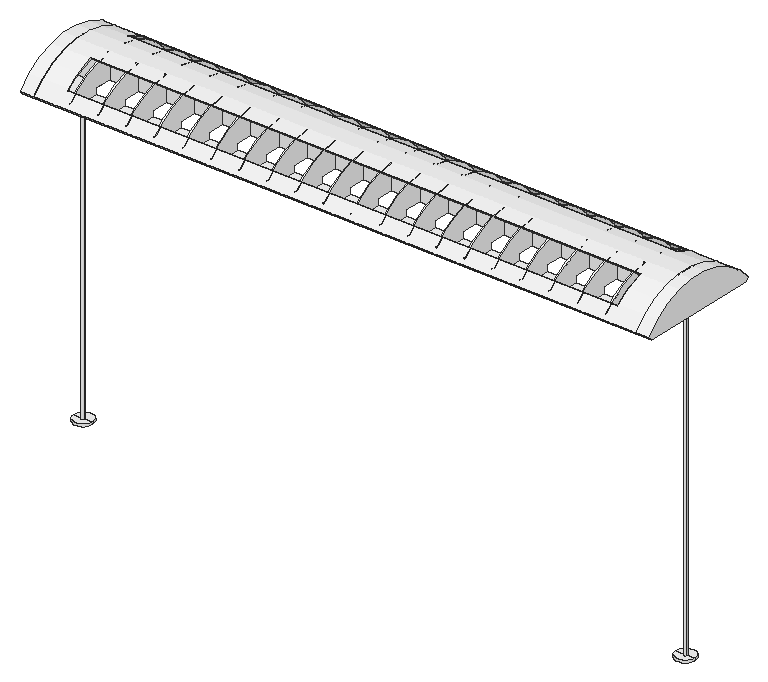
Revit family "CVSL-CM", category Lighting Fixtures, host Face, Revit 2013
Parameters (values of type "CVSL-2T8-50/50-E")
  Watts = 62 W
  Wattage = 62 W
  built-in parameter 1150110 = 1 (stored number, unit not read)
  Voltage = 120 V
  built-in parameter 1114217 = 1 (stored number, unit not read)
  Tilt Angle = -90.00°  # constant formula
  built-in parameter 1150109 = 1 (stored number, unit not read)
  built-in parameter 1150134 = (empty or 0)
  Suspension Height = 24"
  Wattage Comments = ""
  URL = "https://www.hubbell.com/aleralighting/en/"
  built-in parameter 1150113 = 1 (stored number, unit not read)
  Product Page URL = "https://www.hubbell.com/aleralighting/en/Products/Lighting-Controls/Commercial-Indoor-Lighting/Pendant-Lighting/CVSL/p/19955"
  Product Documentation Link = "https://hubbellcdn.com/specsheet/cvsl.pdf"
  Power Factor = 1
  Photometric Web Link = "https://www.hubbell.com/aleralighting/en/Products/Lighting-Controls/Commercial-Indoor-Lighting/Pendant-Lighting/CVSL/p/19955"
  Photometric Web File = "CVSL-4T8-50 50-E.ies"
  Photometric Notes = "More IES files download on Photometric Web Link"  # constant formula
  Model = "CVSL"  # constant formula
  Manufacturer = "Alera Lighting"  # constant formula
  Row Length = 48"
  built-in parameter 1150105 = 234.75 (stored number, unit not read)
  Lumens = 2949.96 lm
  built-in parameter 1150115 = 1 (stored number, unit not read)
  Load Classification = Lighting
  built-in parameter 1150137 = (empty or 0)
  built-in parameter 1150139 = (empty or 0)
  built-in parameter 1150112 = 1 (stored number, unit not read)
  built-in parameter 1150114 = 1 (stored number, unit not read)
  Lamp = "T5, T5HO, T8"  # constant formula
  Lamp Type = "Two T8 Lamp"
  built-in parameter 1150132 = (empty or 0)
  built-in parameter 1150102 = (empty or 0)
  built-in parameter 1150107 = 3500 (stored number, unit not read)
  built-in parameter 1150138 = (empty or 0)
  built-in parameter 1150106 = 2.3475 (stored number, unit not read)
  Glass = Hubbell - White Glass
  Emit from Rectangle Width = 7"  # constant formula
  Emit from Rectangle Length = Row Length - 2"  # 46"
  Emit Shape Visible in Rendering = no
  built-in parameter 1150104 = 4.4203 (stored number, unit not read)
  Distribution = "50% Uplight, 50% Downlight"
  Dimming Lamp Color Temperature Shift = <None>
  Description = "luminescent blades are placed along each side of an elegant curvature to create unparalleled aesthetics"  # constant formula
  Default Elevation = 48"
  Contact Us = "https://www.hubbell.com/aleralighting/en/contactUs"
  Color Filter = 16777215
  built-in parameter 1114218 = 1 (stored number, unit not read)
  Housing Material = Hubbell - White
  built-in parameter 1150133 = 10 (stored number, unit not read)
  Apparent Load = Watts / Power Factor  # 62 VA
Reference planes (in)
  plane 1 "Center (Front/Back)": y = 0.03999
  plane 2: z = 0
  plane 3 "Center (Left/Right)": x = 1.66944
  plane 4: x = -22.33056
  plane 5: x = 25.66944
  plane 6: z = 24
  plane 7: x = -21.33056
  plane 8: x = 24.66944
  plane 9: z = 24.5
Forms (in)
  Revolve 1, solid, material "Hubbell - White" <- "Housing Material"
    sketch origin (0, 0.03999, 0) x (1, 0, 0) y (0, 0, 1)
      loop
        line (-21.33056, 24) -> (-21.33056, 0) -> (-20.59744, 0) -> (-20.59744, 0.15062) -> (-21.20556, 0.15062) -> (-21.20556, 23.90062) -> (-20.98741, 23.90062) -> (-20.98741, 24) -> (-21.33056, 24)
      axis (-21.33056, 24) -> (-21.33056, 0)
    angle from 0 to 360
  Revolve 2, solid, material "Hubbell - White" <- "Housing Material"
    sketch origin (0, 0.03999, 0) x (1, 0, 0) y (0, 0, 1)
      loop
        line (24.66944, 24) -> (24.66944, 0) -> (25.40256, 0) -> (25.40256, 0.15062) -> (24.79444, 0.15062) -> (24.79444, 23.90062) -> (25.01259, 23.90062) -> (25.01259, 24) -> (24.66944, 24)
      axis (24.66944, 24) -> (24.66944, 0)
    angle from 0 to 360
Dimensions and locks (in)
  equal spacing: plane 5, plane 3 "Center (Left/Right)", plane 4
  "Suspension Height": plane 6 to level
  equal spacing: plane 8, plane 3 "Center (Left/Right)", plane 7
  locked: plane 7 to plane 4 at 1
  "Row Length": plane 5 to plane 4
  locked: plane 9 to plane 6 at 0.5
  aligned and locked: plane 2 to host face
  aligned and locked: level to host face
  aligned and locked: Revolve 1 sketch curve to plane 7
  aligned and locked: Revolve 1 sketch curve to plane 6
  aligned and locked: host face to Revolve 1 sketch curve
  aligned and locked: Revolve 1 sketch curve to Revolve 1 sketch curve
  aligned and locked: Revolve 2 sketch curve to Revolve 2 sketch curve
  aligned and locked: plane 8 to Revolve 2 sketch curve
  aligned and locked: plane 1 "Center (Front/Back)" to nested 1
  aligned and locked: plane 3 "Center (Left/Right)" to nested 1
  aligned and locked: plane 9 to imposter light
  aligned and locked: imposter light to plane 1 "Center (Front/Back)"
Automatic sketch dimensions
  host sketch curve to host sketch curve = 96"  (x2)
  Revolve 1 sketch curve to plane 6 = 0.09938"
  plane 7 to Revolve 1 sketch curve = 1/8"
  Revolve 1 sketch curve to Revolve 1 sketch curve = 0.21815"
  Revolve 1 sketch curve to Revolve 1 sketch curve = 0.60812"
  Revolve 1 sketch curve to level = 8"
  Revolve 1 sketch curve to Revolve 1 sketch curve = 0.15062"
  Revolve 1 sketch curve to Revolve 1 sketch curve = 2 1/2"
  Revolve 2 sketch curve to plane 6 = 0"
  Revolve 2 sketch curve to level = 0"
  Revolve 2 sketch curve to plane 6 = 0.09938"
  Revolve 2 sketch curve to plane 8 = 1/8"
  Revolve 2 sketch curve to Revolve 2 sketch curve = 0.21815"
  Revolve 2 sketch curve to plane 5 = 0.26688"
  Revolve 2 sketch curve to Revolve 2 sketch curve = 8"
  level to Revolve 2 sketch curve = 0.15062"
  Revolve 2 sketch curve to Revolve 2 sketch curve = 2 1/2"
Nested families (in)
  nested 1: "CVSL-Housing" at (3.71711, 0, 24), Opal Lens <- "Glass", Backbox <- "Housing Material", type "CVSL-Housing"
    with Opal Lens Hubbell - White Glass, Backbox Hubbell - White, Row Length 48", Array 20
Connectors (in)
  electrical at (-21.33056, 0.03999, 0), driven by "Load Classification", driven by "Voltage", driven by "Apparent Load", driven by "Power Factor"
    settings: on Revolve 1, index 1, voltage 120 V, apparent load 62 VA, apparent load phase1 0 VA, apparent load phase2 0 VA, apparent load phase3 0 VA, power factor 1, load classification "Lighting", number of poles 1, system type 30, power factor state 1, is connector primary yes, connector utility no, sub classification motor no, connector description "Lighting Connector"
Definition of nested family "CVSL-Housing"
  Parameters (values of type "CVSL-CVPL")
    Wattage Comments = ""
    URL = ""
    Row Length = 96"
    Model = ""
    Manufacturer = ""
    Lamp = ""
    Opal Lens [instance] = none
    Description = ""
    Default Elevation = 48"
    Backbox [instance] = none
    Array = Row Length / 2 51/128"  # 40
  Reference planes (in)
    plane 1 "Center (Front/Back)": y = 0.03999
    plane 2: z = 0
    plane 3 "Center (Left/Right)": x = -2.04767
    plane 4: x = -50.04767
    plane 5: x = 45.95233
    plane 6: x = -49.04767
    plane 7: x = 44.95233
    plane 8: y = 4.78999
    plane 9: y = -4.71001
    plane 10: z = 2.5
    plane 11: x = -47.04767
    plane 12: z = 2.25
    plane 13: x = 42.95233
    plane 14: x = -46.54767
    plane 15: x = -46.44611
    plane 16: x = 42.45233
  Forms (in)
    Extrusion 1, solid
      sketch origin (0, 0, 0.06357) x (1, 0, 0) y (0, 1, 0)
        loop
          line (-52.04767, 48) -> (-52.04767, -48) -> (47.95233, -48) -> (47.95233, 48) -> (-52.04767, 48)
      from -0.06357 to -6.06357
    Extrusion 2, solid, material <- "Backbox"
      sketch origin (-2.04767, 0, 0) x (0, 1, 0) y (0, 0, 1)
        loop
          line (4.53999, 0) -> (4.78999, 0.25)
          arc (4.78999, 0.25) -> (0.03999, 2.5) -> (-4.71001, 0.25) r 6.13889
          line (-4.71001, 0.25) -> (-4.46001, 0) -> (0.03999, 0) -> (4.53999, 0)
      from 47 to 48
    Extrusion 3, solid, material <- "Backbox"
      sketch origin (-2.04767, 0, 0) x (0, 1, 0) y (0, 0, 1)
        loop
          line (4.53999, 0) -> (4.78999, 0.25)
          arc (4.78999, 0.25) -> (0.03999, 2.5) -> (-4.71001, 0.25) r 6.13889
          line (-4.71001, 0.25) -> (-4.46001, 0) -> (4.53999, 0)
      from -48 to -47
    Extrusion 4, solid, material <- "Backbox"
      sketch origin (-2.04767, 0, 0) x (0, 1, 0) y (0, 0, 1)
        loop
          line (4.03999, 0) -> (4.28999, 0.25) -> (4.53999, 0) -> (4.78999, 0.25)
          arc (4.78999, 0.25) -> (0.03999, 2.5) -> (-4.71001, 0.25) r 6.13889
          line (-4.71001, 0.25) -> (-4.46001, 0) -> (-4.21001, 0.25) -> (-3.96001, 0) -> (4.03999, 0)
        loop
          arc (4.72145, 0.25328) -> (0.03999, 2.44922) -> (-4.64147, 0.25328) r 6.08811
          line (-4.64147, 0.25328) -> (-4.46001, 0.07182) -> (-4.21001, 0.32182) -> (-3.93897, 0.05078) -> (4.01896, 0.05078) -> (4.28999, 0.32182) -> (4.53999, 0.07182) -> (4.72145, 0.25328)
      from -47 to 47
    Extrusion 5, void
      sketch origin (-2.04767, 0, 0) x (0, 1, 0) y (0, 0, 1)
        loop
          line (-3.97709, 1.04445) -> (-3.90334, 0.95846)
          arc (-3.90334, 0.95846) -> (-2.85143, 1.68326) -> (-1.67089, 2.17131) r 6.05686
          line (-1.67089, 2.17131) -> (-1.70289, 2.27998)
          arc (-1.70289, 2.27998) -> (-2.9055, 1.7828) -> (-3.97709, 1.04445) r 6.17014
        loop
          arc (4.05708, 1.04445) -> (2.98549, 1.7828) -> (1.78287, 2.27998) r 6.17014
          line (1.78287, 2.27998) -> (1.75087, 2.17131)
          arc (1.75087, 2.17131) -> (2.93141, 1.68326) -> (3.98332, 0.95846) r 6.05686
          line (3.98332, 0.95846) -> (4.05708, 1.04445)
      from -45 to 45
    Extrusion 6, solid, material <- "Opal Lens"
      sketch origin (-2.04767, 0, 0) x (0, 1, 0) y (0, 0, 1)
        loop
          arc (4.03673, 1.02073) -> (2.97057, 1.75534) -> (1.77405, 2.25) r 6.13889
          line (1.77405, 2.25) -> (1.7597, 2.20129)
          arc (1.7597, 2.20129) -> (2.94633, 1.71072) -> (4.00367, 0.98218) r 6.08811
          line (4.00367, 0.98218) -> (4.03673, 1.02073)
        loop
          arc (-3.92369, 0.98218) -> (-2.86634, 1.71072) -> (-1.67972, 2.20129) r 6.08811
          line (-1.67972, 2.20129) -> (-1.69406, 2.25)
          arc (-1.69406, 2.25) -> (-2.89059, 1.75534) -> (-3.95675, 1.02073) r 6.13889
          line (-3.95675, 1.02073) -> (-3.92369, 0.98218)
      from -45 to 45
    Extrusion 7, solid, material <- "Backbox"
      sketch origin (-2.04767, 0, 0) x (0, 1, 0) y (0, 0, 1)
        loop
          line (-0.70947, 2.40291) -> (-0.70947, 0.05078) -> (0.78946, 0.05078) -> (0.78946, 2.40291)
          arc (0.78946, 2.40291) -> (0.03999, 2.44922) -> (-0.70947, 2.40291) r 6.08811
      from -47 to 47
    Extrusion 8, solid, material <- "Backbox"
      sketch origin (-70.54767, 6.9161, 48) x (0, 1, 0) y (0, 0, 1)
        loop
          line (-6.12664, -47.94922) -> (-2.89714, -47.94922) -> (-2.42895, -47.48103)
          arc (-2.42895, -47.48103) -> (-4.11232, -46.21427) -> (-6.12664, -45.59709) r 6.08811
          line (-6.12664, -45.59709) -> (-6.12664, -47.94922)
        loop
          line (-7.62557, -47.94922) -> (-7.62557, -45.59709)
          arc (-7.62557, -45.59709) -> (-9.63989, -46.21427) -> (-11.32326, -47.48103) r 6.08811
          line (-11.32326, -47.48103) -> (-10.85507, -47.94922) -> (-7.62557, -47.94922)
      from 24 to 24.10156
    Extrusion 9, solid, material <- "Backbox"
      sketch origin (18.35077, 6.9161, 48) x (0, 1, 0) y (0, 0, 1)
        loop
          line (-6.12664, -47.94922) -> (-2.89714, -47.94922) -> (-2.42895, -47.48103)
          arc (-2.42895, -47.48103) -> (-4.11232, -46.21427) -> (-6.12664, -45.59709) r 6.08811
          line (-6.12664, -45.59709) -> (-6.12664, -47.94922)
        loop
          line (-7.62557, -47.94922) -> (-7.62557, -45.59709)
          arc (-7.62557, -45.59709) -> (-9.63989, -46.21427) -> (-11.32326, -47.48103) r 6.08811
          line (-11.32326, -47.48103) -> (-10.85507, -47.94922) -> (-7.62557, -47.94922)
      from 24 to 24.10156
    Extrusion 10, solid, material <- "Backbox"
      sketch origin (-68.26822, 6.9161, 48) x (0, 1, 0) y (0, 0, 1)
        loop
          line (-6.12664, -47.94922) -> (-2.89714, -47.94922) -> (-2.42895, -47.48103)
          arc (-2.42895, -47.48103) -> (-4.11232, -46.21427) -> (-6.12664, -45.59709) r 6.08811
          line (-6.12664, -45.59709) -> (-6.12664, -47.94922)
        loop
          line (-7.62557, -47.94922) -> (-7.62557, -45.59709)
          arc (-7.62557, -45.59709) -> (-9.63989, -46.21427) -> (-11.32326, -47.48103) r 6.08811
          line (-11.32326, -47.48103) -> (-10.85507, -47.94922) -> (-7.62557, -47.94922)
      from 24 to 24.10156
    Extrusion 11, solid, material <- "Backbox"
      sketch origin (-65.98878, 6.9161, 48) x (0, 1, 0) y (0, 0, 1)
        loop
          line (-6.12664, -47.94922) -> (-2.89714, -47.94922) -> (-2.42895, -47.48103)
          arc (-2.42895, -47.48103) -> (-4.11232, -46.21427) -> (-6.12664, -45.59709) r 6.08811
          line (-6.12664, -45.59709) -> (-6.12664, -47.94922)
        loop
          line (-7.62557, -47.94922) -> (-7.62557, -45.59709)
          arc (-7.62557, -45.59709) -> (-9.63989, -46.21427) -> (-11.32326, -47.48103) r 6.08811
          line (-11.32326, -47.48103) -> (-10.85507, -47.94922) -> (-7.62557, -47.94922)
      from 24 to 24.10156
    Extrusion 12, solid, material <- "Backbox"
      sketch origin (-63.70933, 6.9161, 48) x (0, 1, 0) y (0, 0, 1)
        loop
          line (-6.12664, -47.94922) -> (-2.89714, -47.94922) -> (-2.42895, -47.48103)
          arc (-2.42895, -47.48103) -> (-4.11232, -46.21427) -> (-6.12664, -45.59709) r 6.08811
          line (-6.12664, -45.59709) -> (-6.12664, -47.94922)
        loop
          line (-7.62557, -47.94922) -> (-7.62557, -45.59709)
          arc (-7.62557, -45.59709) -> (-9.63989, -46.21427) -> (-11.32326, -47.48103) r 6.08811
          line (-11.32326, -47.48103) -> (-10.85507, -47.94922) -> (-7.62557, -47.94922)
      from 24 to 24.10156
    Extrusion 13, solid, material <- "Backbox"
      sketch origin (-61.42988, 6.9161, 48) x (0, 1, 0) y (0, 0, 1)
        loop
          line (-6.12664, -47.94922) -> (-2.89714, -47.94922) -> (-2.42895, -47.48103)
          arc (-2.42895, -47.48103) -> (-4.11232, -46.21427) -> (-6.12664, -45.59709) r 6.08811
          line (-6.12664, -45.59709) -> (-6.12664, -47.94922)
        loop
          line (-7.62557, -47.94922) -> (-7.62557, -45.59709)
          arc (-7.62557, -45.59709) -> (-9.63989, -46.21427) -> (-11.32326, -47.48103) r 6.08811
          line (-11.32326, -47.48103) -> (-10.85507, -47.94922) -> (-7.62557, -47.94922)
      from 24 to 24.10156
    Extrusion 14, solid, material <- "Backbox"
      sketch origin (-59.15044, 6.9161, 48) x (0, 1, 0) y (0, 0, 1)
        loop
          line (-6.12664, -47.94922) -> (-2.89714, -47.94922) -> (-2.42895, -47.48103)
          arc (-2.42895, -47.48103) -> (-4.11232, -46.21427) -> (-6.12664, -45.59709) r 6.08811
          line (-6.12664, -45.59709) -> (-6.12664, -47.94922)
        loop
          line (-7.62557, -47.94922) -> (-7.62557, -45.59709)
          arc (-7.62557, -45.59709) -> (-9.63989, -46.21427) -> (-11.32326, -47.48103) r 6.08811
          line (-11.32326, -47.48103) -> (-10.85507, -47.94922) -> (-7.62557, -47.94922)
      from 24 to 24.10156
    Extrusion 15, solid, material <- "Backbox"
      sketch origin (-56.87099, 6.9161, 48) x (0, 1, 0) y (0, 0, 1)
        loop
          line (-6.12664, -47.94922) -> (-2.89714, -47.94922) -> (-2.42895, -47.48103)
          arc (-2.42895, -47.48103) -> (-4.11232, -46.21427) -> (-6.12664, -45.59709) r 6.08811
          line (-6.12664, -45.59709) -> (-6.12664, -47.94922)
        loop
          line (-7.62557, -47.94922) -> (-7.62557, -45.59709)
          arc (-7.62557, -45.59709) -> (-9.63989, -46.21427) -> (-11.32326, -47.48103) r 6.08811
          line (-11.32326, -47.48103) -> (-10.85507, -47.94922) -> (-7.62557, -47.94922)
      from 24 to 24.10156
    Extrusion 16, solid, material <- "Backbox"
      sketch origin (-54.59154, 6.9161, 48) x (0, 1, 0) y (0, 0, 1)
        loop
          line (-6.12664, -47.94922) -> (-2.89714, -47.94922) -> (-2.42895, -47.48103)
          arc (-2.42895, -47.48103) -> (-4.11232, -46.21427) -> (-6.12664, -45.59709) r 6.08811
          line (-6.12664, -45.59709) -> (-6.12664, -47.94922)
        loop
          line (-7.62557, -47.94922) -> (-7.62557, -45.59709)
          arc (-7.62557, -45.59709) -> (-9.63989, -46.21427) -> (-11.32326, -47.48103) r 6.08811
          line (-11.32326, -47.48103) -> (-10.85507, -47.94922) -> (-7.62557, -47.94922)
      from 24 to 24.10156
    Extrusion 17, solid, material <- "Backbox"
      sketch origin (-52.31209, 6.9161, 48) x (0, 1, 0) y (0, 0, 1)
        loop
          line (-6.12664, -47.94922) -> (-2.89714, -47.94922) -> (-2.42895, -47.48103)
          arc (-2.42895, -47.48103) -> (-4.11232, -46.21427) -> (-6.12664, -45.59709) r 6.08811
          line (-6.12664, -45.59709) -> (-6.12664, -47.94922)
        loop
          line (-7.62557, -47.94922) -> (-7.62557, -45.59709)
          arc (-7.62557, -45.59709) -> (-9.63989, -46.21427) -> (-11.32326, -47.48103) r 6.08811
          line (-11.32326, -47.48103) -> (-10.85507, -47.94922) -> (-7.62557, -47.94922)
      from 24 to 24.10156
    Extrusion 18, solid, material <- "Backbox"
      sketch origin (-50.03265, 6.9161, 48) x (0, 1, 0) y (0, 0, 1)
        loop
          line (-6.12664, -47.94922) -> (-2.89714, -47.94922) -> (-2.42895, -47.48103)
          arc (-2.42895, -47.48103) -> (-4.11232, -46.21427) -> (-6.12664, -45.59709) r 6.08811
          line (-6.12664, -45.59709) -> (-6.12664, -47.94922)
        loop
          line (-7.62557, -47.94922) -> (-7.62557, -45.59709)
          arc (-7.62557, -45.59709) -> (-9.63989, -46.21427) -> (-11.32326, -47.48103) r 6.08811
          line (-11.32326, -47.48103) -> (-10.85507, -47.94922) -> (-7.62557, -47.94922)
      from 24 to 24.10156
    Extrusion 19, solid, material <- "Backbox"
      sketch origin (-47.7532, 6.9161, 48) x (0, 1, 0) y (0, 0, 1)
        loop
          line (-6.12664, -47.94922) -> (-2.89714, -47.94922) -> (-2.42895, -47.48103)
          arc (-2.42895, -47.48103) -> (-4.11232, -46.21427) -> (-6.12664, -45.59709) r 6.08811
          line (-6.12664, -45.59709) -> (-6.12664, -47.94922)
        loop
          line (-7.62557, -47.94922) -> (-7.62557, -45.59709)
          arc (-7.62557, -45.59709) -> (-9.63989, -46.21427) -> (-11.32326, -47.48103) r 6.08811
          line (-11.32326, -47.48103) -> (-10.85507, -47.94922) -> (-7.62557, -47.94922)
      from 24 to 24.10156
    Extrusion 20, solid, material <- "Backbox"
      sketch origin (-45.47375, 6.9161, 48) x (0, 1, 0) y (0, 0, 1)
        loop
          line (-6.12664, -47.94922) -> (-2.89714, -47.94922) -> (-2.42895, -47.48103)
          arc (-2.42895, -47.48103) -> (-4.11232, -46.21427) -> (-6.12664, -45.59709) r 6.08811
          line (-6.12664, -45.59709) -> (-6.12664, -47.94922)
        loop
          line (-7.62557, -47.94922) -> (-7.62557, -45.59709)
          arc (-7.62557, -45.59709) -> (-9.63989, -46.21427) -> (-11.32326, -47.48103) r 6.08811
          line (-11.32326, -47.48103) -> (-10.85507, -47.94922) -> (-7.62557, -47.94922)
      from 24 to 24.10156
    Extrusion 21, solid, material <- "Backbox"
      sketch origin (-43.19431, 6.9161, 48) x (0, 1, 0) y (0, 0, 1)
        loop
          line (-6.12664, -47.94922) -> (-2.89714, -47.94922) -> (-2.42895, -47.48103)
          arc (-2.42895, -47.48103) -> (-4.11232, -46.21427) -> (-6.12664, -45.59709) r 6.08811
          line (-6.12664, -45.59709) -> (-6.12664, -47.94922)
        loop
          line (-7.62557, -47.94922) -> (-7.62557, -45.59709)
          arc (-7.62557, -45.59709) -> (-9.63989, -46.21427) -> (-11.32326, -47.48103) r 6.08811
          line (-11.32326, -47.48103) -> (-10.85507, -47.94922) -> (-7.62557, -47.94922)
      from 24 to 24.10156
    Extrusion 22, solid, material <- "Backbox"
      sketch origin (-40.91486, 6.9161, 48) x (0, 1, 0) y (0, 0, 1)
        loop
          line (-6.12664, -47.94922) -> (-2.89714, -47.94922) -> (-2.42895, -47.48103)
          arc (-2.42895, -47.48103) -> (-4.11232, -46.21427) -> (-6.12664, -45.59709) r 6.08811
          line (-6.12664, -45.59709) -> (-6.12664, -47.94922)
        loop
          line (-7.62557, -47.94922) -> (-7.62557, -45.59709)
          arc (-7.62557, -45.59709) -> (-9.63989, -46.21427) -> (-11.32326, -47.48103) r 6.08811
          line (-11.32326, -47.48103) -> (-10.85507, -47.94922) -> (-7.62557, -47.94922)
      from 24 to 24.10156
    Extrusion 23, solid, material <- "Backbox"
      sketch origin (-38.63541, 6.9161, 48) x (0, 1, 0) y (0, 0, 1)
        loop
          line (-6.12664, -47.94922) -> (-2.89714, -47.94922) -> (-2.42895, -47.48103)
          arc (-2.42895, -47.48103) -> (-4.11232, -46.21427) -> (-6.12664, -45.59709) r 6.08811
          line (-6.12664, -45.59709) -> (-6.12664, -47.94922)
        loop
          line (-7.62557, -47.94922) -> (-7.62557, -45.59709)
          arc (-7.62557, -45.59709) -> (-9.63989, -46.21427) -> (-11.32326, -47.48103) r 6.08811
          line (-11.32326, -47.48103) -> (-10.85507, -47.94922) -> (-7.62557, -47.94922)
      from 24 to 24.10156
    Extrusion 24, solid, material <- "Backbox"
      sketch origin (-36.35596, 6.9161, 48) x (0, 1, 0) y (0, 0, 1)
        loop
          line (-6.12664, -47.94922) -> (-2.89714, -47.94922) -> (-2.42895, -47.48103)
          arc (-2.42895, -47.48103) -> (-4.11232, -46.21427) -> (-6.12664, -45.59709) r 6.08811
          line (-6.12664, -45.59709) -> (-6.12664, -47.94922)
        loop
          line (-7.62557, -47.94922) -> (-7.62557, -45.59709)
          arc (-7.62557, -45.59709) -> (-9.63989, -46.21427) -> (-11.32326, -47.48103) r 6.08811
          line (-11.32326, -47.48103) -> (-10.85507, -47.94922) -> (-7.62557, -47.94922)
      from 24 to 24.10156
    Extrusion 25, solid, material <- "Backbox"
      sketch origin (-34.07652, 6.9161, 48) x (0, 1, 0) y (0, 0, 1)
        loop
          line (-6.12664, -47.94922) -> (-2.89714, -47.94922) -> (-2.42895, -47.48103)
          arc (-2.42895, -47.48103) -> (-4.11232, -46.21427) -> (-6.12664, -45.59709) r 6.08811
          line (-6.12664, -45.59709) -> (-6.12664, -47.94922)
        loop
          line (-7.62557, -47.94922) -> (-7.62557, -45.59709)
          arc (-7.62557, -45.59709) -> (-9.63989, -46.21427) -> (-11.32326, -47.48103) r 6.08811
          line (-11.32326, -47.48103) -> (-10.85507, -47.94922) -> (-7.62557, -47.94922)
      from 24 to 24.10156
    Extrusion 26, solid, material <- "Backbox"
      sketch origin (-31.79707, 6.9161, 48) x (0, 1, 0) y (0, 0, 1)
        loop
          line (-6.12664, -47.94922) -> (-2.89714, -47.94922) -> (-2.42895, -47.48103)
          arc (-2.42895, -47.48103) -> (-4.11232, -46.21427) -> (-6.12664, -45.59709) r 6.08811
          line (-6.12664, -45.59709) -> (-6.12664, -47.94922)
        loop
          line (-7.62557, -47.94922) -> (-7.62557, -45.59709)
          arc (-7.62557, -45.59709) -> (-9.63989, -46.21427) -> (-11.32326, -47.48103) r 6.08811
          line (-11.32326, -47.48103) -> (-10.85507, -47.94922) -> (-7.62557, -47.94922)
      from 24 to 24.10156
    Extrusion 27, solid, material <- "Backbox"
      sketch origin (-29.51762, 6.9161, 48) x (0, 1, 0) y (0, 0, 1)
        loop
          line (-6.12664, -47.94922) -> (-2.89714, -47.94922) -> (-2.42895, -47.48103)
          arc (-2.42895, -47.48103) -> (-4.11232, -46.21427) -> (-6.12664, -45.59709) r 6.08811
          line (-6.12664, -45.59709) -> (-6.12664, -47.94922)
        loop
          line (-7.62557, -47.94922) -> (-7.62557, -45.59709)
          arc (-7.62557, -45.59709) -> (-9.63989, -46.21427) -> (-11.32326, -47.48103) r 6.08811
          line (-11.32326, -47.48103) -> (-10.85507, -47.94922) -> (-7.62557, -47.94922)
      from 24 to 24.10156
    Extrusion 28, solid, material <- "Backbox"
      sketch origin (-27.23818, 6.9161, 48) x (0, 1, 0) y (0, 0, 1)
        loop
          line (-6.12664, -47.94922) -> (-2.89714, -47.94922) -> (-2.42895, -47.48103)
          arc (-2.42895, -47.48103) -> (-4.11232, -46.21427) -> (-6.12664, -45.59709) r 6.08811
          line (-6.12664, -45.59709) -> (-6.12664, -47.94922)
        loop
          line (-7.62557, -47.94922) -> (-7.62557, -45.59709)
          arc (-7.62557, -45.59709) -> (-9.63989, -46.21427) -> (-11.32326, -47.48103) r 6.08811
          line (-11.32326, -47.48103) -> (-10.85507, -47.94922) -> (-7.62557, -47.94922)
      from 24 to 24.10156
    Extrusion 29, solid, material <- "Backbox"
      sketch origin (-24.95873, 6.9161, 48) x (0, 1, 0) y (0, 0, 1)
        loop
          line (-6.12664, -47.94922) -> (-2.89714, -47.94922) -> (-2.42895, -47.48103)
          arc (-2.42895, -47.48103) -> (-4.11232, -46.21427) -> (-6.12664, -45.59709) r 6.08811
          line (-6.12664, -45.59709) -> (-6.12664, -47.94922)
        loop
          line (-7.62557, -47.94922) -> (-7.62557, -45.59709)
          arc (-7.62557, -45.59709) -> (-9.63989, -46.21427) -> (-11.32326, -47.48103) r 6.08811
          line (-11.32326, -47.48103) -> (-10.85507, -47.94922) -> (-7.62557, -47.94922)
      from 24 to 24.10156
    Extrusion 30, solid, material <- "Backbox"
      sketch origin (-22.67928, 6.9161, 48) x (0, 1, 0) y (0, 0, 1)
        loop
          line (-6.12664, -47.94922) -> (-2.89714, -47.94922) -> (-2.42895, -47.48103)
          arc (-2.42895, -47.48103) -> (-4.11232, -46.21427) -> (-6.12664, -45.59709) r 6.08811
          line (-6.12664, -45.59709) -> (-6.12664, -47.94922)
        loop
          line (-7.62557, -47.94922) -> (-7.62557, -45.59709)
          arc (-7.62557, -45.59709) -> (-9.63989, -46.21427) -> (-11.32326, -47.48103) r 6.08811
          line (-11.32326, -47.48103) -> (-10.85507, -47.94922) -> (-7.62557, -47.94922)
      from 24 to 24.10156
    Extrusion 31, solid, material <- "Backbox"
      sketch origin (-20.39983, 6.9161, 48) x (0, 1, 0) y (0, 0, 1)
        loop
          line (-6.12664, -47.94922) -> (-2.89714, -47.94922) -> (-2.42895, -47.48103)
          arc (-2.42895, -47.48103) -> (-4.11232, -46.21427) -> (-6.12664, -45.59709) r 6.08811
          line (-6.12664, -45.59709) -> (-6.12664, -47.94922)
        loop
          line (-7.62557, -47.94922) -> (-7.62557, -45.59709)
          arc (-7.62557, -45.59709) -> (-9.63989, -46.21427) -> (-11.32326, -47.48103) r 6.08811
          line (-11.32326, -47.48103) -> (-10.85507, -47.94922) -> (-7.62557, -47.94922)
      from 24 to 24.10156
    Extrusion 32, solid, material <- "Backbox"
      sketch origin (-18.12039, 6.9161, 48) x (0, 1, 0) y (0, 0, 1)
        loop
          line (-6.12664, -47.94922) -> (-2.89714, -47.94922) -> (-2.42895, -47.48103)
          arc (-2.42895, -47.48103) -> (-4.11232, -46.21427) -> (-6.12664, -45.59709) r 6.08811
          line (-6.12664, -45.59709) -> (-6.12664, -47.94922)
        loop
          line (-7.62557, -47.94922) -> (-7.62557, -45.59709)
          arc (-7.62557, -45.59709) -> (-9.63989, -46.21427) -> (-11.32326, -47.48103) r 6.08811
          line (-11.32326, -47.48103) -> (-10.85507, -47.94922) -> (-7.62557, -47.94922)
      from 24 to 24.10156
    Extrusion 33, solid, material <- "Backbox"
      sketch origin (-15.84094, 6.9161, 48) x (0, 1, 0) y (0, 0, 1)
        loop
          line (-6.12664, -47.94922) -> (-2.89714, -47.94922) -> (-2.42895, -47.48103)
          arc (-2.42895, -47.48103) -> (-4.11232, -46.21427) -> (-6.12664, -45.59709) r 6.08811
          line (-6.12664, -45.59709) -> (-6.12664, -47.94922)
        loop
          line (-7.62557, -47.94922) -> (-7.62557, -45.59709)
          arc (-7.62557, -45.59709) -> (-9.63989, -46.21427) -> (-11.32326, -47.48103) r 6.08811
          line (-11.32326, -47.48103) -> (-10.85507, -47.94922) -> (-7.62557, -47.94922)
      from 24 to 24.10156
    Extrusion 34, solid, material <- "Backbox"
      sketch origin (-13.56149, 6.9161, 48) x (0, 1, 0) y (0, 0, 1)
        loop
          line (-6.12664, -47.94922) -> (-2.89714, -47.94922) -> (-2.42895, -47.48103)
          arc (-2.42895, -47.48103) -> (-4.11232, -46.21427) -> (-6.12664, -45.59709) r 6.08811
          line (-6.12664, -45.59709) -> (-6.12664, -47.94922)
        loop
          line (-7.62557, -47.94922) -> (-7.62557, -45.59709)
          arc (-7.62557, -45.59709) -> (-9.63989, -46.21427) -> (-11.32326, -47.48103) r 6.08811
          line (-11.32326, -47.48103) -> (-10.85507, -47.94922) -> (-7.62557, -47.94922)
      from 24 to 24.10156
    Extrusion 35, solid, material <- "Backbox"
      sketch origin (-11.28205, 6.9161, 48) x (0, 1, 0) y (0, 0, 1)
        loop
          line (-6.12664, -47.94922) -> (-2.89714, -47.94922) -> (-2.42895, -47.48103)
          arc (-2.42895, -47.48103) -> (-4.11232, -46.21427) -> (-6.12664, -45.59709) r 6.08811
          line (-6.12664, -45.59709) -> (-6.12664, -47.94922)
        loop
          line (-7.62557, -47.94922) -> (-7.62557, -45.59709)
          arc (-7.62557, -45.59709) -> (-9.63989, -46.21427) -> (-11.32326, -47.48103) r 6.08811
          line (-11.32326, -47.48103) -> (-10.85507, -47.94922) -> (-7.62557, -47.94922)
      from 24 to 24.10156
    Extrusion 36, solid, material <- "Backbox"
      sketch origin (-9.0026, 6.9161, 48) x (0, 1, 0) y (0, 0, 1)
        loop
          line (-6.12664, -47.94922) -> (-2.89714, -47.94922) -> (-2.42895, -47.48103)
          arc (-2.42895, -47.48103) -> (-4.11232, -46.21427) -> (-6.12664, -45.59709) r 6.08811
          line (-6.12664, -45.59709) -> (-6.12664, -47.94922)
        loop
          line (-7.62557, -47.94922) -> (-7.62557, -45.59709)
          arc (-7.62557, -45.59709) -> (-9.63989, -46.21427) -> (-11.32326, -47.48103) r 6.08811
          line (-11.32326, -47.48103) -> (-10.85507, -47.94922) -> (-7.62557, -47.94922)
      from 24 to 24.10156
    Extrusion 37, solid, material <- "Backbox"
      sketch origin (-6.72315, 6.9161, 48) x (0, 1, 0) y (0, 0, 1)
        loop
          line (-6.12664, -47.94922) -> (-2.89714, -47.94922) -> (-2.42895, -47.48103)
          arc (-2.42895, -47.48103) -> (-4.11232, -46.21427) -> (-6.12664, -45.59709) r 6.08811
          line (-6.12664, -45.59709) -> (-6.12664, -47.94922)
        loop
          line (-7.62557, -47.94922) -> (-7.62557, -45.59709)
          arc (-7.62557, -45.59709) -> (-9.63989, -46.21427) -> (-11.32326, -47.48103) r 6.08811
          line (-11.32326, -47.48103) -> (-10.85507, -47.94922) -> (-7.62557, -47.94922)
      from 24 to 24.10156
    Extrusion 38, solid, material <- "Backbox"
      sketch origin (-4.4437, 6.9161, 48) x (0, 1, 0) y (0, 0, 1)
        loop
          line (-6.12664, -47.94922) -> (-2.89714, -47.94922) -> (-2.42895, -47.48103)
          arc (-2.42895, -47.48103) -> (-4.11232, -46.21427) -> (-6.12664, -45.59709) r 6.08811
          line (-6.12664, -45.59709) -> (-6.12664, -47.94922)
        loop
          line (-7.62557, -47.94922) -> (-7.62557, -45.59709)
          arc (-7.62557, -45.59709) -> (-9.63989, -46.21427) -> (-11.32326, -47.48103) r 6.08811
          line (-11.32326, -47.48103) -> (-10.85507, -47.94922) -> (-7.62557, -47.94922)
      from 24 to 24.10156
    Extrusion 39, solid, material <- "Backbox"
      sketch origin (-2.16426, 6.9161, 48) x (0, 1, 0) y (0, 0, 1)
        loop
          line (-6.12664, -47.94922) -> (-2.89714, -47.94922) -> (-2.42895, -47.48103)
          arc (-2.42895, -47.48103) -> (-4.11232, -46.21427) -> (-6.12664, -45.59709) r 6.08811
          line (-6.12664, -45.59709) -> (-6.12664, -47.94922)
        loop
          line (-7.62557, -47.94922) -> (-7.62557, -45.59709)
          arc (-7.62557, -45.59709) -> (-9.63989, -46.21427) -> (-11.32326, -47.48103) r 6.08811
          line (-11.32326, -47.48103) -> (-10.85507, -47.94922) -> (-7.62557, -47.94922)
      from 24 to 24.10156
    Extrusion 40, solid, material <- "Backbox"
      sketch origin (0.11519, 6.9161, 48) x (0, 1, 0) y (0, 0, 1)
        loop
          line (-6.12664, -47.94922) -> (-2.89714, -47.94922) -> (-2.42895, -47.48103)
          arc (-2.42895, -47.48103) -> (-4.11232, -46.21427) -> (-6.12664, -45.59709) r 6.08811
          line (-6.12664, -45.59709) -> (-6.12664, -47.94922)
        loop
          line (-7.62557, -47.94922) -> (-7.62557, -45.59709)
          arc (-7.62557, -45.59709) -> (-9.63989, -46.21427) -> (-11.32326, -47.48103) r 6.08811
          line (-11.32326, -47.48103) -> (-10.85507, -47.94922) -> (-7.62557, -47.94922)
      from 24 to 24.10156
    Extrusion 41, solid, material <- "Backbox"
      sketch origin (2.39464, 6.9161, 48) x (0, 1, 0) y (0, 0, 1)
        loop
          line (-6.12664, -47.94922) -> (-2.89714, -47.94922) -> (-2.42895, -47.48103)
          arc (-2.42895, -47.48103) -> (-4.11232, -46.21427) -> (-6.12664, -45.59709) r 6.08811
          line (-6.12664, -45.59709) -> (-6.12664, -47.94922)
        loop
          line (-7.62557, -47.94922) -> (-7.62557, -45.59709)
          arc (-7.62557, -45.59709) -> (-9.63989, -46.21427) -> (-11.32326, -47.48103) r 6.08811
          line (-11.32326, -47.48103) -> (-10.85507, -47.94922) -> (-7.62557, -47.94922)
      from 24 to 24.10156
    Extrusion 42, solid, material <- "Backbox"
      sketch origin (4.67408, 6.9161, 48) x (0, 1, 0) y (0, 0, 1)
        loop
          line (-6.12664, -47.94922) -> (-2.89714, -47.94922) -> (-2.42895, -47.48103)
          arc (-2.42895, -47.48103) -> (-4.11232, -46.21427) -> (-6.12664, -45.59709) r 6.08811
          line (-6.12664, -45.59709) -> (-6.12664, -47.94922)
        loop
          line (-7.62557, -47.94922) -> (-7.62557, -45.59709)
          arc (-7.62557, -45.59709) -> (-9.63989, -46.21427) -> (-11.32326, -47.48103) r 6.08811
          line (-11.32326, -47.48103) -> (-10.85507, -47.94922) -> (-7.62557, -47.94922)
      from 24 to 24.10156
    Extrusion 43, solid, material <- "Backbox"
      sketch origin (6.95353, 6.9161, 48) x (0, 1, 0) y (0, 0, 1)
        loop
          line (-6.12664, -47.94922) -> (-2.89714, -47.94922) -> (-2.42895, -47.48103)
          arc (-2.42895, -47.48103) -> (-4.11232, -46.21427) -> (-6.12664, -45.59709) r 6.08811
          line (-6.12664, -45.59709) -> (-6.12664, -47.94922)
        loop
          line (-7.62557, -47.94922) -> (-7.62557, -45.59709)
          arc (-7.62557, -45.59709) -> (-9.63989, -46.21427) -> (-11.32326, -47.48103) r 6.08811
          line (-11.32326, -47.48103) -> (-10.85507, -47.94922) -> (-7.62557, -47.94922)
      from 24 to 24.10156
    Extrusion 44, solid, material <- "Backbox"
      sketch origin (9.23298, 6.9161, 48) x (0, 1, 0) y (0, 0, 1)
        loop
          line (-6.12664, -47.94922) -> (-2.89714, -47.94922) -> (-2.42895, -47.48103)
          arc (-2.42895, -47.48103) -> (-4.11232, -46.21427) -> (-6.12664, -45.59709) r 6.08811
          line (-6.12664, -45.59709) -> (-6.12664, -47.94922)
        loop
          line (-7.62557, -47.94922) -> (-7.62557, -45.59709)
          arc (-7.62557, -45.59709) -> (-9.63989, -46.21427) -> (-11.32326, -47.48103) r 6.08811
          line (-11.32326, -47.48103) -> (-10.85507, -47.94922) -> (-7.62557, -47.94922)
      from 24 to 24.10156
    Extrusion 45, solid, material <- "Backbox"
      sketch origin (11.51243, 6.9161, 48) x (0, 1, 0) y (0, 0, 1)
        loop
          line (-6.12664, -47.94922) -> (-2.89714, -47.94922) -> (-2.42895, -47.48103)
          arc (-2.42895, -47.48103) -> (-4.11232, -46.21427) -> (-6.12664, -45.59709) r 6.08811
          line (-6.12664, -45.59709) -> (-6.12664, -47.94922)
        loop
          line (-7.62557, -47.94922) -> (-7.62557, -45.59709)
          arc (-7.62557, -45.59709) -> (-9.63989, -46.21427) -> (-11.32326, -47.48103) r 6.08811
          line (-11.32326, -47.48103) -> (-10.85507, -47.94922) -> (-7.62557, -47.94922)
      from 24 to 24.10156
    Extrusion 46, solid, material <- "Backbox"
      sketch origin (13.79187, 6.9161, 48) x (0, 1, 0) y (0, 0, 1)
        loop
          line (-6.12664, -47.94922) -> (-2.89714, -47.94922) -> (-2.42895, -47.48103)
          arc (-2.42895, -47.48103) -> (-4.11232, -46.21427) -> (-6.12664, -45.59709) r 6.08811
          line (-6.12664, -45.59709) -> (-6.12664, -47.94922)
        loop
          line (-7.62557, -47.94922) -> (-7.62557, -45.59709)
          arc (-7.62557, -45.59709) -> (-9.63989, -46.21427) -> (-11.32326, -47.48103) r 6.08811
          line (-11.32326, -47.48103) -> (-10.85507, -47.94922) -> (-7.62557, -47.94922)
      from 24 to 24.10156
    Extrusion 47, solid, material <- "Backbox"
      sketch origin (16.07132, 6.9161, 48) x (0, 1, 0) y (0, 0, 1)
        loop
          line (-6.12664, -47.94922) -> (-2.89714, -47.94922) -> (-2.42895, -47.48103)
          arc (-2.42895, -47.48103) -> (-4.11232, -46.21427) -> (-6.12664, -45.59709) r 6.08811
          line (-6.12664, -45.59709) -> (-6.12664, -47.94922)
        loop
          line (-7.62557, -47.94922) -> (-7.62557, -45.59709)
          arc (-7.62557, -45.59709) -> (-9.63989, -46.21427) -> (-11.32326, -47.48103) r 6.08811
          line (-11.32326, -47.48103) -> (-10.85507, -47.94922) -> (-7.62557, -47.94922)
      from 24 to 24.10156
    Extrusion 48, void
      sketch origin (0, 0, 0) x (1, 0, 0) y (0, 1, 0)
        loop
          line (-47.04767, 2.03999) -> (-47.04767, -1.96001) -> (42.95233, -1.96001) -> (42.95233, 2.03999) -> (-47.04767, 2.03999)
      from 0 to 0.51746
  Cuts and joins
    Extrusion 5, Extrusion 48 cuts Extrusion 2
    Extrusion 5, Extrusion 48 cuts Extrusion 3
    Extrusion 5, Extrusion 48 cuts Extrusion 4
    joined: Extrusion 2, Extrusion 3, Extrusion 4
    Extrusion 48 cuts Extrusion 6
    Extrusion 48 cuts Extrusion 7
    Extrusion 48 cuts Extrusion 8
    Extrusion 48 cuts Extrusion 9
    Extrusion 48 cuts Extrusion 10
    Extrusion 48 cuts Extrusion 11
    Extrusion 48 cuts Extrusion 12
    Extrusion 48 cuts Extrusion 13
    Extrusion 48 cuts Extrusion 14
    Extrusion 48 cuts Extrusion 15
    Extrusion 48 cuts Extrusion 16
    Extrusion 48 cuts Extrusion 17
    Extrusion 48 cuts Extrusion 18
    Extrusion 48 cuts Extrusion 19
    Extrusion 48 cuts Extrusion 20
    Extrusion 48 cuts Extrusion 21
    Extrusion 48 cuts Extrusion 22
    Extrusion 48 cuts Extrusion 23
    Extrusion 48 cuts Extrusion 24
    Extrusion 48 cuts Extrusion 25
    Extrusion 48 cuts Extrusion 26
    Extrusion 48 cuts Extrusion 27
    Extrusion 48 cuts Extrusion 28
    Extrusion 48 cuts Extrusion 29
    Extrusion 48 cuts Extrusion 30
    Extrusion 48 cuts Extrusion 31
    Extrusion 48 cuts Extrusion 32
    Extrusion 48 cuts Extrusion 33
    Extrusion 48 cuts Extrusion 34
    Extrusion 48 cuts Extrusion 35
    Extrusion 48 cuts Extrusion 36
    Extrusion 48 cuts Extrusion 37
    Extrusion 48 cuts Extrusion 38
    Extrusion 48 cuts Extrusion 39
    Extrusion 48 cuts Extrusion 40
    Extrusion 48 cuts Extrusion 41
    Extrusion 48 cuts Extrusion 42
    Extrusion 48 cuts Extrusion 43
    Extrusion 48 cuts Extrusion 44
    Extrusion 48 cuts Extrusion 45
    Extrusion 48 cuts Extrusion 46
    Extrusion 48 cuts Extrusion 47
  Dimensions and locks (in)
    equal spacing: plane 5, plane 3 "Center (Left/Right)", plane 4
    plane 6 to plane 4 = 1"
    equal spacing: plane 8, plane 1 "Center (Front/Back)", plane 9
    locked: plane 8 to plane 9 at 9.5
    locked: plane 10 to Extrusion 1 at 2.5
    "Row Length": plane 5 to plane 4
    equal spacing: plane 7, plane 3 "Center (Left/Right)", plane 6
    locked: plane 6 to plane 11 at 2
    Extrusion 1 sketch curve to plane 3 "Center (Left/Right)" to Extrusion 1 sketch curve = 50", 50"
    locked: plane 10 to plane 12 at 0.25
    locked: Extrusion 4 sketch curve to Extrusion 4 sketch curve at 0.38383  (x2)
    locked: plane 13 to plane 7 at 2
    locked: Extrusion 7 sketch curve to Extrusion 7 sketch curve at 1.49893
    locked: plane 11 to plane 14 at 0.5
    locked: plane 14 to plane 15 at 0.10156
    locked: plane 16 to plane 13 at 0.5
    equal spacing: group 1, group 3, group 4, group 5, group 6, group 7, group 8, group 9, group 10, group 11, group 12, group 13, group 14, group 15, group 16, group 17, group 18, group 19, group 20, group 21, group 22, group 23, group 24, group 25, group 26, group 27, group 28, group 29, group 30, group 31, group 32, group 33, group 34, group 35, group 36, group 37, group 38, group 39, group 40, group 2  (x3)
    equal spacing: Extrusion 48 sketch curve, plane 1 "Center (Front/Back)", Extrusion 48 sketch curve, locked at 2 each
    aligned and locked: plane 2 to Extrusion 1
    aligned and locked: level to Extrusion 1
    aligned and locked: plane 5 to Extrusion 2
    aligned and locked: Extrusion 2 to plane 7
    aligned and locked: Extrusion 3 to plane 4
    aligned and locked: plane 6 to Extrusion 3
    aligned and locked: Extrusion 4 to plane 6
    aligned and locked: plane 7 to Extrusion 4
    aligned and locked: Extrusion 1 to Extrusion 4 sketch curve
    aligned and locked: cut or joined group of Extrusion 2, Extrusion 3, Extrusion 4, Extrusion 5, Extrusion 48 to plane 11
    aligned and locked: plane 13 to cut or joined group of Extrusion 2, Extrusion 3, Extrusion 4, Extrusion 5, Extrusion 48
    aligned and locked: Extrusion 6 sketch curve to cut or joined group of Extrusion 2, Extrusion 3, Extrusion 4, Extrusion 5, Extrusion 48  (x4)
    aligned and locked: Extrusion 6 to plane 11
    aligned and locked: plane 13 to Extrusion 6
    aligned and locked: Extrusion 1 to Extrusion 2 sketch curve
    aligned and locked: Extrusion 3 sketch curve to Extrusion 1
    aligned and locked: Extrusion 7 sketch curve to cut or joined group of Extrusion 2, Extrusion 3, Extrusion 4, Extrusion 5, Extrusion 48  (x2)
    aligned and locked: plane 6 to cut or joined group of Extrusion 2, Extrusion 3, Extrusion 4, Extrusion 5, Extrusion 48
    aligned and locked: cut or joined group of Extrusion 2, Extrusion 3, Extrusion 4, Extrusion 5, Extrusion 48 to plane 7
    aligned and locked: plane 7 to Extrusion 7
    aligned and locked: Extrusion 7 to plane 6
    aligned and locked: Extrusion 8 to plane 14
    aligned and locked: plane 15 to Extrusion 8
    aligned and locked: plane 16 to Extrusion 9
    aligned and locked: Extrusion 48 sketch curve to plane 13
    aligned and locked: plane 11 to Extrusion 48 sketch curve
  Automatic sketch dimensions
    Extrusion 1 sketch curve to Extrusion 1 sketch curve = 96"
    Extrusion 2 sketch curve to plane 1 "Center (Front/Back)" = 0"  (x2)
    Extrusion 2 sketch curve to plane 9 = 1/4"
    plane 8 to Extrusion 2 sketch curve = 1/4"
    Extrusion 4 sketch curve to plane 9 = 0"
    Extrusion 4 sketch curve to level = 0"  (x2)
    Extrusion 4 sketch curve to plane 1 "Center (Front/Back)" = 0"
    Extrusion 4 sketch curve to plane 8 = 0"
    Extrusion 4 sketch curve to Extrusion 4 sketch curve = 1/4"
    Extrusion 4 sketch curve to Extrusion 4 sketch curve = 0"  (x6)
    Extrusion 4 sketch curve to Extrusion 4 sketch curve = 0.00328"  (x2)
    level to Extrusion 4 sketch curve = 0.32182"
    Extrusion 4 sketch curve to Extrusion 4 sketch curve = 0.02103"  (x2)
    level to Extrusion 4 sketch curve = 0.07182"
    Extrusion 4 sketch curve to Extrusion 4 sketch curve = 0.06854"
    level to Extrusion 4 sketch curve = 13/256"
    Extrusion 4 sketch curve to Extrusion 4 sketch curve = 0.18146"
    Extrusion 4 sketch curve to Extrusion 4 sketch curve = 0.52103"
    Extrusion 5 sketch curve to plane 9 = 0.73291"
    Extrusion 5 sketch curve to Extrusion 5 sketch curve = 0.032"  (x2)
    Extrusion 5 sketch curve to Extrusion 5 sketch curve = 0.07375"  (x2)
    level to Extrusion 5 sketch curve = 1.04445"  (x2)
    Extrusion 5 sketch curve to Extrusion 5 sketch curve = 0"  (x6)
    plane 12 to Extrusion 5 sketch curve = 0.02998"
    Extrusion 5 sketch curve to Extrusion 5 sketch curve = 0.08598"
    Extrusion 5 sketch curve to plane 1 "Center (Front/Back)" = 0"
    plane 1 "Center (Front/Back)" to Extrusion 5 sketch curve = 1.74288"
    Extrusion 5 sketch curve to plane 12 = 0.07869"
    Extrusion 5 sketch curve to plane 1 "Center (Front/Back)" = 1.71088"
    plane 8 to Extrusion 5 sketch curve = 0.80667"
    plane 9 to Extrusion 2 sketch curve = 0"
    Extrusion 2 sketch curve to plane 8 = 0"
    Extrusion 2 sketch curve to level = 3.63889"
    level to Extrusion 2 sketch curve = 1/4"
    Extrusion 3 sketch curve to plane 9 = 0"
    Extrusion 3 sketch curve to plane 1 "Center (Front/Back)" = 0"
    Extrusion 3 sketch curve to plane 8 = 0"
    Extrusion 3 sketch curve to plane 9 = 1/4"
    plane 8 to Extrusion 3 sketch curve = 1/4"
    Extrusion 3 sketch curve to level = 3.63889"
    level to Extrusion 3 sketch curve = 1/4"
    Extrusion 6 sketch curve to Extrusion 6 sketch curve = 0"  (x12)
    Extrusion 6 sketch curve to plane 12 = 0"  (x2)
    Extrusion 6 sketch curve to plane 1 "Center (Front/Back)" = 0"
    Extrusion 6 sketch curve to plane 9 = 0.78632"
    level to Extrusion 6 sketch curve = 1.02073"
    Extrusion 6 sketch curve to plane 12 = 0.04871"
    Extrusion 8 sketch curve to Extrusion 8 sketch curve = 0"  (x5)
    Extrusion 8 sketch curve to Extrusion 8 sketch curve = 0.46819"  (x4)
    Extrusion 8 sketch curve to Extrusion 8 sketch curve = 3.2295"  (x2)
    Extrusion 8 sketch curve to Extrusion 8 sketch curve = 0.74946"
    Extrusion 8 sketch curve to Extrusion 8 sketch curve = 1.49893"
    Extrusion 8 sketch curve to Extrusion 8 sketch curve = 3.68967"
    Extrusion 9 sketch curve to Extrusion 9 sketch curve = 0"  (x5)
    Extrusion 9 sketch curve to Extrusion 9 sketch curve = 0.46819"  (x4)
    Extrusion 9 sketch curve to Extrusion 9 sketch curve = 3.2295"  (x2)
    Extrusion 9 sketch curve to Extrusion 9 sketch curve = 0.74946"
    Extrusion 9 sketch curve to Extrusion 9 sketch curve = 1.49893"
    Extrusion 9 sketch curve to Extrusion 9 sketch curve = 3.68967"
    Extrusion 10 sketch curve to Extrusion 10 sketch curve = 0"  (x5)
    Extrusion 10 sketch curve to Extrusion 10 sketch curve = 0.46819"  (x4)
    Extrusion 10 sketch curve to Extrusion 10 sketch curve = 3.2295"  (x2)
    Extrusion 10 sketch curve to Extrusion 10 sketch curve = 0.74946"
    Extrusion 10 sketch curve to Extrusion 10 sketch curve = 1.49893"
    Extrusion 10 sketch curve to Extrusion 10 sketch curve = 3.68967"
    Extrusion 11 sketch curve to Extrusion 11 sketch curve = 0"  (x5)
    Extrusion 11 sketch curve to Extrusion 11 sketch curve = 0.46819"  (x4)
    Extrusion 11 sketch curve to Extrusion 11 sketch curve = 3.2295"  (x2)
    Extrusion 11 sketch curve to Extrusion 11 sketch curve = 0.74946"
    Extrusion 11 sketch curve to Extrusion 11 sketch curve = 1.49893"
    Extrusion 11 sketch curve to Extrusion 11 sketch curve = 3.68967"
    Extrusion 12 sketch curve to Extrusion 12 sketch curve = 0"  (x5)
    Extrusion 12 sketch curve to Extrusion 12 sketch curve = 0.46819"  (x4)
    Extrusion 12 sketch curve to Extrusion 12 sketch curve = 3.2295"  (x2)
    Extrusion 12 sketch curve to Extrusion 12 sketch curve = 0.74946"
    Extrusion 12 sketch curve to Extrusion 12 sketch curve = 1.49893"
    Extrusion 12 sketch curve to Extrusion 12 sketch curve = 3.68967"
    Extrusion 13 sketch curve to Extrusion 13 sketch curve = 0"  (x5)
    Extrusion 13 sketch curve to Extrusion 13 sketch curve = 0.46819"  (x4)
    Extrusion 13 sketch curve to Extrusion 13 sketch curve = 3.2295"  (x2)
    Extrusion 13 sketch curve to Extrusion 13 sketch curve = 0.74946"
    Extrusion 13 sketch curve to Extrusion 13 sketch curve = 1.49893"
    Extrusion 13 sketch curve to Extrusion 13 sketch curve = 3.68967"
    Extrusion 14 sketch curve to Extrusion 14 sketch curve = 0"  (x5)
    Extrusion 14 sketch curve to Extrusion 14 sketch curve = 0.46819"  (x4)
    Extrusion 14 sketch curve to Extrusion 14 sketch curve = 3.2295"  (x2)
    Extrusion 14 sketch curve to Extrusion 14 sketch curve = 0.74946"
    Extrusion 14 sketch curve to Extrusion 14 sketch curve = 1.49893"
    Extrusion 14 sketch curve to Extrusion 14 sketch curve = 3.68967"
    Extrusion 15 sketch curve to Extrusion 15 sketch curve = 0"  (x5)
    Extrusion 15 sketch curve to Extrusion 15 sketch curve = 0.46819"  (x4)
    Extrusion 15 sketch curve to Extrusion 15 sketch curve = 3.2295"  (x2)
    Extrusion 15 sketch curve to Extrusion 15 sketch curve = 0.74946"
    Extrusion 15 sketch curve to Extrusion 15 sketch curve = 1.49893"
    Extrusion 15 sketch curve to Extrusion 15 sketch curve = 3.68967"
    Extrusion 16 sketch curve to Extrusion 16 sketch curve = 0"  (x5)
    Extrusion 16 sketch curve to Extrusion 16 sketch curve = 0.46819"  (x4)
    Extrusion 16 sketch curve to Extrusion 16 sketch curve = 3.2295"  (x2)
    Extrusion 16 sketch curve to Extrusion 16 sketch curve = 0.74946"
    Extrusion 16 sketch curve to Extrusion 16 sketch curve = 1.49893"
    Extrusion 16 sketch curve to Extrusion 16 sketch curve = 3.68967"
    Extrusion 17 sketch curve to Extrusion 17 sketch curve = 0"  (x5)
    Extrusion 17 sketch curve to Extrusion 17 sketch curve = 0.46819"  (x4)
    Extrusion 17 sketch curve to Extrusion 17 sketch curve = 3.2295"  (x2)
    Extrusion 17 sketch curve to Extrusion 17 sketch curve = 0.74946"
    Extrusion 17 sketch curve to Extrusion 17 sketch curve = 1.49893"
    Extrusion 17 sketch curve to Extrusion 17 sketch curve = 3.68967"
    Extrusion 18 sketch curve to Extrusion 18 sketch curve = 0"  (x5)
    Extrusion 18 sketch curve to Extrusion 18 sketch curve = 0.46819"  (x4)
    Extrusion 18 sketch curve to Extrusion 18 sketch curve = 3.2295"  (x2)
    Extrusion 18 sketch curve to Extrusion 18 sketch curve = 0.74946"
    Extrusion 18 sketch curve to Extrusion 18 sketch curve = 1.49893"
    Extrusion 18 sketch curve to Extrusion 18 sketch curve = 3.68967"
    Extrusion 19 sketch curve to Extrusion 19 sketch curve = 0"  (x5)
    Extrusion 19 sketch curve to Extrusion 19 sketch curve = 0.46819"  (x4)
    Extrusion 19 sketch curve to Extrusion 19 sketch curve = 3.2295"  (x2)
    Extrusion 19 sketch curve to Extrusion 19 sketch curve = 0.74946"
    Extrusion 19 sketch curve to Extrusion 19 sketch curve = 1.49893"
    Extrusion 19 sketch curve to Extrusion 19 sketch curve = 3.68967"
    Extrusion 20 sketch curve to Extrusion 20 sketch curve = 0"  (x5)
    Extrusion 20 sketch curve to Extrusion 20 sketch curve = 0.46819"  (x4)
    Extrusion 20 sketch curve to Extrusion 20 sketch curve = 3.2295"  (x2)
    Extrusion 20 sketch curve to Extrusion 20 sketch curve = 0.74946"
    Extrusion 20 sketch curve to Extrusion 20 sketch curve = 1.49893"
    Extrusion 20 sketch curve to Extrusion 20 sketch curve = 3.68967"
    Extrusion 21 sketch curve to Extrusion 21 sketch curve = 0"  (x5)
    Extrusion 21 sketch curve to Extrusion 21 sketch curve = 0.46819"  (x4)
    Extrusion 21 sketch curve to Extrusion 21 sketch curve = 3.2295"  (x2)
    Extrusion 21 sketch curve to Extrusion 21 sketch curve = 0.74946"
    Extrusion 21 sketch curve to Extrusion 21 sketch curve = 1.49893"
    Extrusion 21 sketch curve to Extrusion 21 sketch curve = 3.68967"
    Extrusion 22 sketch curve to Extrusion 22 sketch curve = 0"  (x5)
    Extrusion 22 sketch curve to Extrusion 22 sketch curve = 0.46819"  (x4)
    Extrusion 22 sketch curve to Extrusion 22 sketch curve = 3.2295"  (x2)
    Extrusion 22 sketch curve to Extrusion 22 sketch curve = 0.74946"
    Extrusion 22 sketch curve to Extrusion 22 sketch curve = 1.49893"
    Extrusion 22 sketch curve to Extrusion 22 sketch curve = 3.68967"
    Extrusion 23 sketch curve to Extrusion 23 sketch curve = 0"  (x5)
    Extrusion 23 sketch curve to Extrusion 23 sketch curve = 0.46819"  (x4)
    Extrusion 23 sketch curve to Extrusion 23 sketch curve = 3.2295"  (x2)
    Extrusion 23 sketch curve to Extrusion 23 sketch curve = 0.74946"
    Extrusion 23 sketch curve to Extrusion 23 sketch curve = 1.49893"
    Extrusion 23 sketch curve to Extrusion 23 sketch curve = 3.68967"
    Extrusion 24 sketch curve to Extrusion 24 sketch curve = 0"  (x5)
    Extrusion 24 sketch curve to Extrusion 24 sketch curve = 0.46819"  (x4)
    Extrusion 24 sketch curve to Extrusion 24 sketch curve = 3.2295"  (x2)
    Extrusion 24 sketch curve to Extrusion 24 sketch curve = 0.74946"
    Extrusion 24 sketch curve to Extrusion 24 sketch curve = 1.49893"
    Extrusion 24 sketch curve to Extrusion 24 sketch curve = 3.68967"
    Extrusion 25 sketch curve to Extrusion 25 sketch curve = 0"  (x5)
    Extrusion 25 sketch curve to Extrusion 25 sketch curve = 0.46819"  (x4)
    Extrusion 25 sketch curve to Extrusion 25 sketch curve = 3.2295"  (x2)
    Extrusion 25 sketch curve to Extrusion 25 sketch curve = 0.74946"
    Extrusion 25 sketch curve to Extrusion 25 sketch curve = 1.49893"
    Extrusion 25 sketch curve to Extrusion 25 sketch curve = 3.68967"
    Extrusion 26 sketch curve to Extrusion 26 sketch curve = 0"  (x5)
    Extrusion 26 sketch curve to Extrusion 26 sketch curve = 0.46819"  (x4)
    Extrusion 26 sketch curve to Extrusion 26 sketch curve = 3.2295"  (x2)
    Extrusion 26 sketch curve to Extrusion 26 sketch curve = 0.74946"
    Extrusion 26 sketch curve to Extrusion 26 sketch curve = 1.49893"
    Extrusion 26 sketch curve to Extrusion 26 sketch curve = 3.68967"
    Extrusion 27 sketch curve to Extrusion 27 sketch curve = 0"  (x5)
    Extrusion 27 sketch curve to Extrusion 27 sketch curve = 0.46819"  (x4)
    Extrusion 27 sketch curve to Extrusion 27 sketch curve = 3.2295"  (x2)
    Extrusion 27 sketch curve to Extrusion 27 sketch curve = 0.74946"
    Extrusion 27 sketch curve to Extrusion 27 sketch curve = 1.49893"
    Extrusion 27 sketch curve to Extrusion 27 sketch curve = 3.68967"
    Extrusion 28 sketch curve to Extrusion 28 sketch curve = 0"  (x5)
    Extrusion 28 sketch curve to Extrusion 28 sketch curve = 0.46819"  (x4)
    Extrusion 28 sketch curve to Extrusion 28 sketch curve = 3.2295"  (x2)
    Extrusion 28 sketch curve to Extrusion 28 sketch curve = 0.74946"
    Extrusion 28 sketch curve to Extrusion 28 sketch curve = 1.49893"
    Extrusion 28 sketch curve to Extrusion 28 sketch curve = 3.68967"
    Extrusion 29 sketch curve to Extrusion 29 sketch curve = 0"  (x5)
    Extrusion 29 sketch curve to Extrusion 29 sketch curve = 0.46819"  (x4)
    Extrusion 29 sketch curve to Extrusion 29 sketch curve = 3.2295"  (x2)
    Extrusion 29 sketch curve to Extrusion 29 sketch curve = 0.74946"
    Extrusion 29 sketch curve to Extrusion 29 sketch curve = 1.49893"
    Extrusion 29 sketch curve to Extrusion 29 sketch curve = 3.68967"
    Extrusion 30 sketch curve to Extrusion 30 sketch curve = 0"  (x5)
    Extrusion 30 sketch curve to Extrusion 30 sketch curve = 0.46819"  (x4)
    Extrusion 30 sketch curve to Extrusion 30 sketch curve = 3.2295"  (x2)
    Extrusion 30 sketch curve to Extrusion 30 sketch curve = 0.74946"
    Extrusion 30 sketch curve to Extrusion 30 sketch curve = 1.49893"
    Extrusion 30 sketch curve to Extrusion 30 sketch curve = 3.68967"
    Extrusion 31 sketch curve to Extrusion 31 sketch curve = 0"  (x5)
    Extrusion 31 sketch curve to Extrusion 31 sketch curve = 0.46819"  (x4)
    Extrusion 31 sketch curve to Extrusion 31 sketch curve = 3.2295"  (x2)
    Extrusion 31 sketch curve to Extrusion 31 sketch curve = 0.74946"
    Extrusion 31 sketch curve to Extrusion 31 sketch curve = 1.49893"
    Extrusion 31 sketch curve to Extrusion 31 sketch curve = 3.68967"
    Extrusion 32 sketch curve to Extrusion 32 sketch curve = 0"  (x5)
    Extrusion 32 sketch curve to Extrusion 32 sketch curve = 0.46819"  (x4)
    Extrusion 32 sketch curve to Extrusion 32 sketch curve = 3.2295"  (x2)
    Extrusion 32 sketch curve to Extrusion 32 sketch curve = 0.74946"
    Extrusion 32 sketch curve to Extrusion 32 sketch curve = 1.49893"
    Extrusion 32 sketch curve to Extrusion 32 sketch curve = 3.68967"
    Extrusion 33 sketch curve to Extrusion 33 sketch curve = 0"  (x5)
    Extrusion 33 sketch curve to Extrusion 33 sketch curve = 0.46819"  (x4)
    Extrusion 33 sketch curve to Extrusion 33 sketch curve = 3.2295"  (x2)
    Extrusion 33 sketch curve to Extrusion 33 sketch curve = 0.74946"
    Extrusion 33 sketch curve to Extrusion 33 sketch curve = 1.49893"
    Extrusion 33 sketch curve to Extrusion 33 sketch curve = 3.68967"
    Extrusion 34 sketch curve to Extrusion 34 sketch curve = 0"  (x5)
    Extrusion 34 sketch curve to Extrusion 34 sketch curve = 0.46819"  (x4)
    Extrusion 34 sketch curve to Extrusion 34 sketch curve = 3.2295"  (x2)
    Extrusion 34 sketch curve to Extrusion 34 sketch curve = 0.74946"
    Extrusion 34 sketch curve to Extrusion 34 sketch curve = 1.49893"
    Extrusion 34 sketch curve to Extrusion 34 sketch curve = 3.68967"
    Extrusion 35 sketch curve to Extrusion 35 sketch curve = 0"  (x5)
    Extrusion 35 sketch curve to Extrusion 35 sketch curve = 0.46819"  (x4)
    Extrusion 35 sketch curve to Extrusion 35 sketch curve = 3.2295"  (x2)
    Extrusion 35 sketch curve to Extrusion 35 sketch curve = 0.74946"
    Extrusion 35 sketch curve to Extrusion 35 sketch curve = 1.49893"
    Extrusion 35 sketch curve to Extrusion 35 sketch curve = 3.68967"
    Extrusion 36 sketch curve to Extrusion 36 sketch curve = 0"  (x5)
    Extrusion 36 sketch curve to Extrusion 36 sketch curve = 0.46819"  (x4)
    Extrusion 36 sketch curve to Extrusion 36 sketch curve = 3.2295"  (x2)
    Extrusion 36 sketch curve to Extrusion 36 sketch curve = 0.74946"
    Extrusion 36 sketch curve to Extrusion 36 sketch curve = 1.49893"
    Extrusion 36 sketch curve to Extrusion 36 sketch curve = 3.68967"
    Extrusion 37 sketch curve to Extrusion 37 sketch curve = 0"  (x5)
    Extrusion 37 sketch curve to Extrusion 37 sketch curve = 0.46819"  (x4)
    Extrusion 37 sketch curve to Extrusion 37 sketch curve = 3.2295"  (x2)
    Extrusion 37 sketch curve to Extrusion 37 sketch curve = 0.74946"
    Extrusion 37 sketch curve to Extrusion 37 sketch curve = 1.49893"
    Extrusion 37 sketch curve to Extrusion 37 sketch curve = 3.68967"
